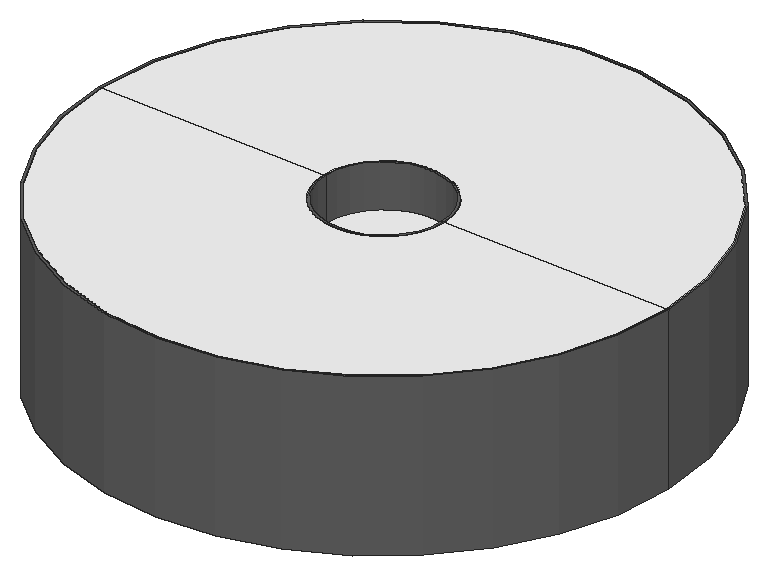
Revit family "AFX-Montclair-Flush_Mount", category Lighting Fixtures, host Face, Revit 2021
Family settings
  Host = Face
  Round Connector Dimension = Use Diameter
  Part Type = Normal
  Cut with Voids When Loaded = No
  Light Source = Yes
  Shared = No
  Room Calculation Point = No
Parameters (values of type "MCF1214MBBK")
  Wattage Comments = "9"
  Wattage = 9.2903 W
  built-in parameter 1150110 = 1 (stored number, unit not read)
  Voltage = 120 V
  URL = "https://www.afxinc.com/"
  Type Comments = "Montclair"  # constant formula
  built-in parameter 1114217 = 1 (stored number, unit not read)
  Tilt Angle = 90.00°
  built-in parameter 1150109 = 1 (stored number, unit not read)
  built-in parameter 1150134 = 3
  Sustainability = "https://lamprecycle.org/en/"
  built-in parameter 1150113 = 1 (stored number, unit not read)
  Supports Finish = AFX - Black Steel
  Revit File Built By = "https://servex-us.com/servex-revit/"
  Product Documentation Link = "https://www.afxinc.com/products/productDetail.cfm?productID=2002"
  Power Factor = 1
  Photometric Web File = "MCF193200LxxD1SN-BK_IES.ies"
  Model = "MCF1214MBBK"
  Manufacturer = "AFX Inc"  # constant formula
  built-in parameter 1150105 = 109.82 (stored number, unit not read)
  Lumens = 1380 lm
  built-in parameter 1150115 = 1 (stored number, unit not read)
  built-in parameter 1150137 = (empty or 0)
  built-in parameter 1150139 = (empty or 0)
  built-in parameter 1150112 = 1 (stored number, unit not read)
  built-in parameter 1150114 = 1 (stored number, unit not read)
  Lamp = ""
  Keynote = "12500"  # constant formula
  built-in parameter 1150132 = (empty or 0)
  built-in parameter 1150102 = (empty or 0)
  built-in parameter 1150107 = 3200 (stored number, unit not read)
  built-in parameter 1150138 = (empty or 0)
  built-in parameter 1150106 = 1.0982 (stored number, unit not read)
  Housing Finish = AFX - Fabric
  Emit from Circle Diameter = 12"
  Emit Shape Visible in Rendering = no
  built-in parameter 1150104 = 13.8 (stored number, unit not read)
  Dimming Lamp Color Temperature Shift = <None>
  Diffuser Finish = AFX - White Acrylic
  Diameter = 12 1/4"
  Description = "Flush Mount - 12 1/4”Dia x 3 3/4”D"
  Depth = 3 3/4"
  Default Elevation = 48"
  Colour Rendering Index = "80"
  Color Filter = 16777215
  built-in parameter 1114218 = 1 (stored number, unit not read)
  built-in parameter 1150133 = 10 (stored number, unit not read)
  Assembly Code = "D5020200"
  Apparent Load = 0 VA
Types (6): name | Product Documentation Link | Model | Emit from Circle Diameter | Diameter | Description | Depth
  (no name) | "https://www.afxinc.com/products/productDetail.cfm?productID=2002" | "MCF1214MBBK" | 12" | 12 1/4" | "Flush Mount - 12 1/4”Dia x 3 3/4”D" | 3 3/4"
  MCF1214MBBK | "https://www.afxinc.com/products/productDetail.cfm?productID=2002" | "MCF1214MBBK" | 12" | 12 1/4" | "Flush Mount - 12 1/4”Dia x 3 3/4”D" | 3 3/4"
  MCF1524MB-BK | "https://www.afxinc.com/products/productDetail.cfm?productID=2006" | "MCF1524MB-BK" | 15" | 15" | "Flush Mount - 15”Dia x 4 3/4”D" | 4 3/4"
  MCF1932MB-BK | "https://www.afxinc.com/products/productDetail.cfm?productID=2010" | "MCF1932MB-BK" | 19" | 19 1/4" | "Flush Mount - 19 1/4\"Dia x 5 1/2\"D" | 5 1/2"
  MCF2432MB-BK | "https://www.afxinc.com/products/productDetail.cfm?productID=2272" | "MCF2432MB-BK" | 24" | 24" | "Flush Mount - 24\"Dia x 7 1/2\"D" | 7 1/2"
  MCF3044MB-BK | "https://www.afxinc.com/products/productDetail.cfm?productID=2281" | "MCF3044MB-BK" | 30" | 30" | "Flush Mount -  30\"Dia x 9 1/2\"D" | 9 1/2"
Reference planes (in)
  plane 1 "Center (Front/Back)": y = 0.13952
  plane 2: z = 0
  plane 3 "Center (Left/Right)": x = 0
  plane 4: x = -6.125
  plane 5: x = 6.125
  plane 6: y = 6.26452
  plane 7: y = -5.98548
  plane 8: z = 3.75
  plane 9: x = 3.68404
Forms (in)
  Revolve 1, solid, material "AFX - White Acrylic" <- "Diffuser Finish"
    sketch origin (0, 0.13952, -0.05) x (1, 0, 0) y (0, 0, 1)
      loop
        line (6.0729, 3.71) -> (6.0729, 3.8) -> (1.29518, 3.8) -> (1.29518, 3.71) -> (6.0729, 3.71)
      axis (0, 3.8) -> (0, 3.71)
    angle from 0 to 360
  Revolve 2, solid, material "AFX - White Acrylic" <- "Diffuser Finish"
    sketch origin (0, 0.13952, -0.05) x (1, 0, 0) y (0, 0, 1)
      loop
        line (1.25, 2.8) -> (1.25, 2.89) -> (0, 2.89) -> (0, 2.8) -> (1.25, 2.8)
      axis (0, 2.89) -> (0, 2.8)
    angle from 0 to 360
  Revolve 3, solid, material "AFX - Fabric" <- "Housing Finish"
    sketch origin (0, 0.13952, -0.05) x (1, 0, 0) y (0, 0, 1)
      loop
        line (1.25, 2.8) -> (1.29518, 2.8) -> (1.29518, 3.8) -> (1.25, 3.8) -> (1.25, 2.8)
      axis (0, 3.8) -> (0, 2.8)
    angle from 0 to 360
  Revolve 4, solid, material "AFX - Fabric" <- "Housing Finish"
    sketch origin (0, 0.13952, 0) x (1, 0, 0) y (0, 0, 1)
      loop
        line (6.125, 3.75) -> (6.0729, 3.75) -> (6.0729, 0.3) -> (6.125, 0.3) -> (6.125, 3.75)
      axis (0, 3.75) -> (0, 0.3)
    angle from 0 to 360
  Revolve 5, solid, material "AFX - Black Steel" <- "Supports Finish"
    sketch origin (0, 0.13952, 0) x (1, 0, 0) y (0, 0, 1)
      loop
        line (5.0625, 0.76) -> (0, 0.76) -> (0, 0.16) -> (3.81191, 0.16) -> (4.13087, 0) -> (5.00327, 0)
        arc (5.00327, 0) -> (5.04515, 0.01735) -> (5.0625, 0.05923) r 0.05923
        line (5.0625, 0.05923) -> (5.0625, 0.76)
      axis (0, 0.76) -> (0, 0)
    angle from 0 to 360
  Revolve 6, solid, material "AFX - Black Steel" <- "Supports Finish"
    sketch origin (0, 0.13952, 0) x (1, 0, 0) y (0, 0, 1)
      loop
        line (5.08773, 0.39) -> (5.08773, 0.3) -> (6.0729, 0.3) -> (6.0729, 0.39) -> (5.08773, 0.39)
      axis (0, 0.39) -> (0, 0.3)
    angle from 0 to 360
Lines and regions (in)
  symbolic lines
    curve 1: arc (6.125, 0.13952, 0) -> (0, 6.26452, 0) -> (-6.125, 0.13952, 0) r 6.125
    curve 2: arc (6.0729, 0.13952, 0) -> (0, 6.21243, 0) -> (-6.0729, 0.13952, 0) r 6.0729
    curve 3: arc (-6.0729, 0.13952, 0) -> (0, -5.93338, 0) -> (6.0729, 0.13952, 0) r 6.0729
    curve 4: arc (-6.125, 0.13952, 0) -> (0, -5.98548, 0) -> (6.125, 0.13952, 0) r 6.125
    curve 5: arc (1.29518, 0.13952, 0) -> (0, 1.4347, 0) -> (-1.29518, 0.13952, 0) r 1.29518
    curve 6: arc (1.25, 0.13952, 0) -> (0, 1.38952, 0) -> (-1.25, 0.13952, 0) r 1.25
    curve 7: arc (-1.29518, 0.13952, 0) -> (0, -1.15566, 0) -> (1.29518, 0.13952, 0) r 1.29518
    curve 8: arc (-1.25, 0.13952, 0) -> (0, -1.11048, 0) -> (1.25, 0.13952, 0) r 1.25
  symbolic lines, style "LightingFixturesHiddenLines", detail levels fine
    curve 9: arc (5.08773, 0.13952, 0) -> (0, 5.22725, 0) -> (-5.08773, 0.13952, 0) r 5.08773
    curve 10: arc (-5.08773, 0.13952, 0) -> (0, -4.94821, 0) -> (5.08773, 0.13952, 0) r 5.08773
    curve 11: arc (-4.13087, 0.13952, 0) -> (0, 4.27039, 0) -> (4.13087, 0.13952, 0) r 4.13087
    curve 12: arc (4.13087, 0.13952, 0) -> (0, -3.99135, 0) -> (-4.13087, 0.13952, 0) r 4.13087
Dimensions and locks (in)
  "Diameter": plane 4 to plane 5
  "Diameter": plane 7 to plane 6
  equal spacing: plane 4, plane 3 "Center (Left/Right)", plane 5
  equal spacing: plane 7, plane 1 "Center (Front/Back)", plane 6
  "Depth": plane 8 to plane 2
  locked: Revolve 4 sketch curve to plane 5 at 0.0521
  locked: plane 8 to Revolve 3 sketch curve at 1
  plane 8 to Revolve 2 sketch curve to Revolve 2 sketch curve = 0.91" locked, 0.09" locked
  locked: Revolve 4 sketch curve to plane 2 at 0.3
  locked: Revolve 6 sketch curve to plane 5 at 0.0521
  Revolve 6 sketch curve to Revolve 6 sketch curve to plane 2 = 0.09" locked, 0.3" locked
  locked: plane 5 to Revolve 6 sketch curve at 1.03727
  locked: plane 5 to Revolve 5 sketch curve at 1.12173
  locked: Revolve 5 sketch curve to plane 5 at 1.0625
  plane 5 to Revolve 5 sketch curve to Revolve 5 sketch curve = 1.99413" locked, 0.31896" locked
  locked: Revolve 1 sketch curve to plane 5 at 0.0521
  locked: plane 8 to Revolve 1 sketch curve at 0.09
  locked: plane 5 to Revolve 1 sketch curve at 4.82982
  Revolve 3 sketch curve to Revolve 3 sketch curve to plane 5 = 0.04518" locked, 4.82982" locked
  locked: Revolve 2 sketch curve to plane 5 at 4.875
  aligned and locked: host face to plane 2
  aligned and locked: level to host face
  aligned and locked: plane 3 "Center (Left/Right)" to Revolve 2 sketch curve
  aligned and locked: plane 5 to Revolve 4 sketch curve
  aligned and locked: plane 8 to Revolve 4 sketch curve
  aligned and locked: plane 8 to Revolve 3 sketch curve
  aligned and locked: plane 3 "Center (Left/Right)" to Revolve 5 sketch curve
  aligned and locked: Revolve 1 sketch curve to plane 8
  aligned and locked: imposter light to plane 3 "Center (Left/Right)"
  aligned and locked: imposter light to plane 8
  aligned and locked: curve 1 to Revolve 4
  aligned and locked: curve 2 to Revolve 4
  aligned and locked: curve 3 to Revolve 4
  aligned and locked: curve 4 to Revolve 4
  aligned and locked: curve 5 to Revolve 3
  aligned and locked: curve 6 to Revolve 3
  aligned and locked: curve 7 to Revolve 3
  aligned and locked: curve 8 to Revolve 3
  aligned and locked: curve 9 to Revolve 6
  aligned and locked: curve 10 to Revolve 6
  aligned and locked: curve 11 to Revolve 5
  aligned and locked: curve 12 to Revolve 5
Automatic sketch dimensions
  host sketch curve to host sketch curve = 96"  (x2)
  Revolve 2 sketch curve to plane 3 "Center (Left/Right)" = 0"
  Revolve 2 sketch curve to level = 1.55"
  plane 8 to Revolve 2 sketch curve = 1.2"
  Revolve 4 sketch curve to plane 3 "Center (Left/Right)" = 0"
  Revolve 4 sketch curve to level = 2 1/4"
  plane 8 to Revolve 4 sketch curve = 1 1/2"
  Revolve 5 sketch curve to plane 3 "Center (Left/Right)" = 0"
  Revolve 5 sketch curve to level = 0"
  Revolve 5 sketch curve to Revolve 5 sketch curve = 0.6"
  level to Revolve 5 sketch curve = 0.16"
  Revolve 5 sketch curve to level = 2"
  Revolve 5 sketch curve to Revolve 5 sketch curve = 1.99"
  Revolve 6 sketch curve to plane 3 "Center (Left/Right)" = 0"
  Revolve 6 sketch curve to level = 3 3/4"
  level to Revolve 6 sketch curve = 2 3/4"
  Revolve 1 sketch curve to plane 3 "Center (Left/Right)" = 0"
  Revolve 1 sketch curve to level = 1.3"
  plane 8 to Revolve 1 sketch curve = 0.95"
  Revolve 3 sketch curve to plane 3 "Center (Left/Right)" = 0"
  Revolve 3 sketch curve to Revolve 3 sketch curve = 0.90735"
  plane 8 to Revolve 3 sketch curve = 0.84265"
Connectors (in)
  electrical at (0, 0.13952, 0.16), driven by "Voltage", driven by "Apparent Load", driven by "Power Factor"
    settings: on Revolve 5, index 1, voltage 120 V, apparent load 0 VA, apparent load phase1 0 VA, apparent load phase2 0 VA, apparent load phase3 0 VA, power factor 1, load classification "Lighting", number of poles 1, system type 31, power factor state 1, is connector primary yes, connector utility no, sub classification motor no, connector description ""
